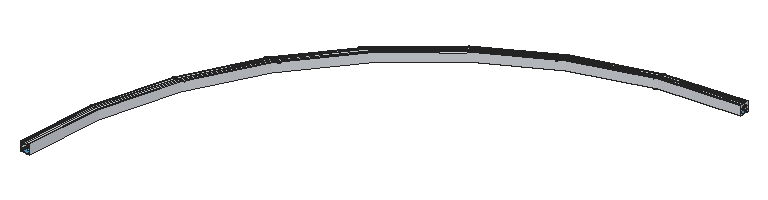
Revit family "P353508.90", category Luminarias, Revit 2019
Family settings
  Cota de conector redondo = Diámetro de uso
  Tipo de pieza = Normal
  Se basa en plano de trabajo = Sí
  Siempre vertical = No
  Corte con vacíos al cargar = No
  Origen de luz = No
  Compartido = No
  Punto de cálculo de habitación = No
Parameters (values of type "P353508.90")
  Zone [instance] = ""
  Watt per fixture [instance] = 12.8
  Modelo = "P353508.90"
  Lámpara = "Tablilla"
  Fabricante = "BRILLANT"
  Default Elevation = 0 mm
  Descripción = "PERFIL DE ALUMINIO CURVO PARA SUSPENDER, EMPOTRAR Y SOBREPONER DE 2.35M DE PERFIL CON UN MATERIAL DE ALUMINIO ANODIZADO Y DIMENSIONES DE 35X35MM PESO DE 1KG POR PERFIL, TABLILLA LED CON UNA POTENCIA DE 12.8W, TEMPERATURA DE COLOR A BLANCO CALIDO 3000K, CORTE A CADA 800MM/14 LEDs, 6500lm/pcs, IRC 80, ALIMENTADO A 24V. REQUIERE ACCESORIOS."
  Costo USD_P353508.90 [instance] = 51.97
  Costo = 0
  Comentarios de vataje = "24V"
  Circuit [instance] = ""
  Ancho = 35 mm
  Altura = 35 mm
Reference planes
  plane 1 "Centro (Frontal/Posterior)": y = 0
  plane 2: z = 0
  plane 3 "Centro (Izquierda/Derecha)": x = 0
  plane 4: x = 0
  plane 5: z = 35
Forms (mm)
  Sweep 1, solid
    path origin (1500, 0, 0) x (1, 0, 0) y (0, 1, 0)
      loop
        arc (0, 1497.5) -> (-1060.66, 1058.16) -> (-1500, -2.5) r 1500
    profile origin (439.34, 1058.16, 0) x (0.707107, -0.707107, 0) y (0, 0, 1)
      loop
        line (8.748, 31.312) -> (-8.748, 31.312) -> (-8.748, 33.234) -> (-5.439, 33.234) -> (-5.439, 35) -> (-12.591, 35) -> (-12.591, 31.312) -> (-14.923, 31.312) -> (-14.923, 33.798) -> (-15.765, 35) -> (-16.623, 35) -> (-17.5, 34.123) -> (-17.5, 0) -> (-13.502, 0) -> (-13.502, 0.8) -> (-14.667, 0.8) -> (-14.667, 1.6) -> (-12.785, 1.6) -> (-12.785, 2.494) -> (-15.031, 2.494) -> (-15.031, 3.616) -> (-12.785, 3.616) -> (-12.785, 4.416) -> (-16.669, 4.416) -> (-16.669, 13.495) -> (-12.25, 13.495) -> (-12.25, 17.356) -> (-13.05, 17.356) -> (-13.05, 16.401) -> (-16.669, 16.401) -> (-16.669, 25.28) -> (-13.162, 25.28) -> (-13.162, 24.164) -> (-12.25, 24.164) -> (-12.25, 26.726) -> (-16.669, 26.726) -> (-16.669, 28.95) -> (16.669, 28.95) -> (16.669, 26.726) -> (12.25, 26.726) -> (12.25, 24.164) -> (13.162, 24.164) -> (13.162, 25.28) -> (16.669, 25.28) -> (16.669, 16.401) -> (13.05, 16.401) -> (13.05, 17.356) -> (12.25, 17.356) -> (12.25, 13.495) -> (16.669, 13.495) -> (16.669, 4.416) -> (12.785, 4.416) -> (12.785, 3.616) -> (15.031, 3.616) -> (15.031, 2.494) -> (12.785, 2.494) -> (12.785, 1.6) -> (14.667, 1.6) -> (14.667, 0.8) -> (13.502, 0.8) -> (13.502, 0) -> (17.5, 0) -> (17.5, 34.123) -> (16.623, 35) -> (15.765, 35) -> (14.923, 33.798) -> (14.923, 31.312) -> (12.591, 31.312) -> (12.591, 35) -> (5.439, 35) -> (5.439, 33.234) -> (8.748, 33.234) -> (8.748, 31.312)
  Sweep 2, solid, material "Cristal"
    path origin (1500, 0, -3.649) x (1, 0, 0) y (0, 1, 0)
      loop
        arc (0, 1497.5) -> (-1060.66, 1058.16) -> (-1500, -2.5) r 1500
    profile origin (439.34, 1058.16, -3.649) x (0.707107, -0.707107, 0) y (0, 0, 1)
      loop
        line (-14.667, 5.249) -> (-14.667, 4.449) -> (14.667, 4.449) -> (14.667, 5.249) -> (-14.667, 5.249)
Dimensions and locks
  "Altura": plane 5 to plane 2
  aligned and locked: level to plane 2
Automatic sketch dimensions
  Sweep 1 sketch curve to level = 0 mm  (x2)
  profile plane to Sweep 1 sketch curve = 17.5 mm
  Sweep 1 sketch curve to Sweep 1 sketch curve = 0.831 mm
  Sweep 1 sketch curve to Sweep 1 sketch curve = 0 mm  (x6)
  Sweep 1 sketch curve to Sweep 1 sketch curve = 0.877 mm  (x2)
  Sweep 1 sketch curve to Sweep 1 sketch curve = 0.859 mm  (x2)
  Sweep 1 sketch curve to Sweep 1 sketch curve = 1.639 mm  (x2)
  Sweep 1 sketch curve to Sweep 1 sketch curve = 0.842 mm  (x2)
  level to Sweep 1 sketch curve = 0.8 mm  (x2)
  Sweep 1 sketch curve to Sweep 1 sketch curve = 0.364 mm  (x2)
  Sweep 1 sketch curve to Sweep 1 sketch curve = 1.164 mm  (x2)
  Sweep 1 sketch curve to Sweep 1 sketch curve = 3.508 mm
  Sweep 1 sketch curve to Sweep 1 sketch curve = 3.619 mm  (x2)
  Sweep 1 sketch curve to Sweep 1 sketch curve = 0.717 mm  (x2)
  Sweep 1 sketch curve to Sweep 1 sketch curve = 2.332 mm  (x2)
  Sweep 1 sketch curve to Sweep 1 sketch curve = 0.912 mm  (x2)
  Sweep 1 sketch curve to Sweep 1 sketch curve = 0.8 mm  (x5)
  Sweep 1 sketch curve to Sweep 1 sketch curve = 3.843 mm  (x2)
  Sweep 1 sketch curve to Sweep 1 sketch curve = 3.309 mm  (x2)
  Sweep 1 sketch curve to profile plane = 5.439 mm
  Sweep 1 sketch curve to Sweep 1 sketch curve = 3.502 mm
  level to Sweep 1 sketch curve = 2.494 mm
  Sweep 1 sketch curve to Sweep 1 sketch curve = 0.535 mm
  Sweep 1 sketch curve to Sweep 1 sketch curve = 1.746 mm
  Sweep 1 sketch curve to Sweep 1 sketch curve = 0.894 mm  (x2)
  Sweep 1 sketch curve to Sweep 1 sketch curve = 1.123 mm  (x2)
  Sweep 1 sketch curve to Sweep 1 sketch curve = 9.079 mm  (x2)
  Sweep 1 sketch curve to Sweep 1 sketch curve = 2.906 mm  (x2)
  Sweep 1 sketch curve to Sweep 1 sketch curve = 0.955 mm  (x2)
  Sweep 1 sketch curve to Sweep 1 sketch curve = 6.808 mm  (x2)
  Sweep 1 sketch curve to Sweep 1 sketch curve = 1.116 mm  (x2)
  Sweep 1 sketch curve to Sweep 1 sketch curve = 1.446 mm  (x2)
  Sweep 1 sketch curve to Sweep 1 sketch curve = 2.225 mm
  Sweep 1 sketch curve to Sweep 1 sketch curve = 4.586 mm
  Sweep 1 sketch curve to Sweep 1 sketch curve = 2.362 mm
  Sweep 1 sketch curve to Sweep 1 sketch curve = 1.921 mm  (x2)
  Sweep 1 sketch curve to Sweep 1 sketch curve = 2.485 mm  (x2)
  Sweep 1 sketch curve to Sweep 1 sketch curve = 0.326 mm  (x2)
  Sweep 1 sketch curve to Sweep 1 sketch curve = 1.202 mm  (x3)
  Sweep 1 sketch curve to Sweep 1 sketch curve = 1.766 mm
  profile plane to Sweep 2 sketch curve = 4.449 mm
  Sweep 2 sketch curve to profile plane = 14.667 mm
  profile plane to Sweep 2 sketch curve = 5.249 mm
  profile plane to Sweep 2 sketch curve = 14.667 mm
  Sweep 1 sketch curve to plane 3 "Centro (Izquierda/Derecha)" = 0 mm
  plane 1 "Centro (Frontal/Posterior)" to Sweep 1 sketch curve = 2.5 mm
  plane 3 "Centro (Izquierda/Derecha)" to Sweep 1 sketch curve = 1500 mm
  Sweep 2 sketch curve to plane 3 "Centro (Izquierda/Derecha)" = 0 mm
  plane 1 "Centro (Frontal/Posterior)" to Sweep 2 sketch curve = 2.5 mm
  plane 3 "Centro (Izquierda/Derecha)" to Sweep 2 sketch curve = 1500 mm
Connectors
  electrical at (0, -2.5, 18.61)
    settings: on Sweep 1, index 1, voltage 24 V, apparent load 0 VA, apparent load phase1 0 VA, apparent load phase2 0 VA, apparent load phase3 0 VA, power factor 1, load classification "Otro", number of poles 1, system type 31, power factor state 1, is connector primary yes, connector utility no, sub classification motor no, connector description ""
